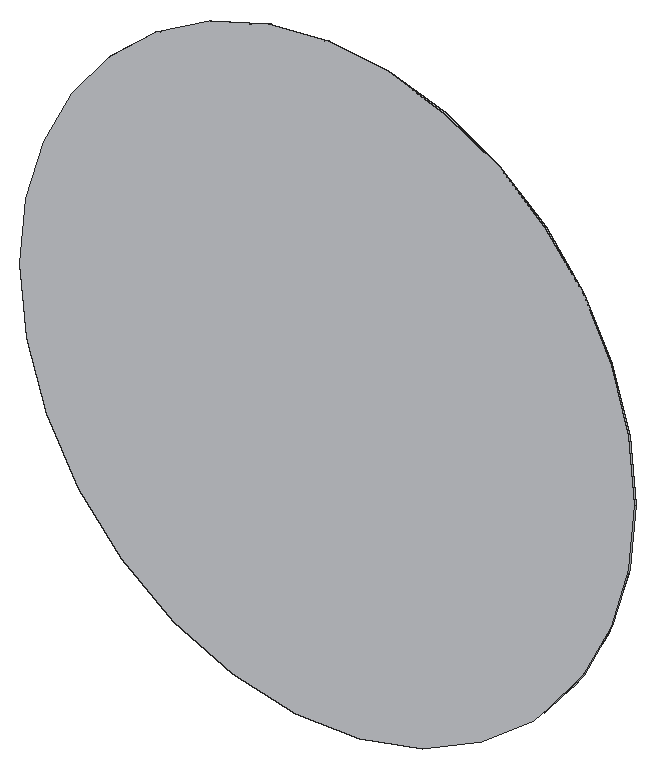
Revit family "Inicio_CapRoscadoGalvanizado", category Mechanical Equipment, Revit 2025
Family settings
  Round Connector Dimension = Use Diameter
  Classification = Pump
  Part Type = Normal
  OmniClass Number = 23.75.00.00
  OmniClass Title = Climate Control (HVAC)
  Work Plane-Based = Yes
  Always vertical = No
  Cut with Voids When Loaded = No
  Maintain Annotation Orientation = No
  Shared = No
  Room Calculation Point = No
Parameters (values of type "Inicio_CapRoscadoGalvanizado")
  Radius [instance] = 1' - 7"
  Presión [instance] = 0.00 psi
  Diameter [instance] = 2 * Radius  # 3' - 2"
  Default Elevation = 4' - 0"
  Caudal [instance] = 0 L/s
Types (2): name
  Inicio_CapRoscadoGalvanizado
  Standard
Reference planes (in)
  plane 1 "Center (Front/Back)": y = 0
  plane 2: z = 0
  plane 3 "Center (Left/Right)": x = 0
Forms (in)
  Extrusion 1, solid
    sketch origin (0, 0, 0) x (1, 0, 0) y (0, 0, 1)
      loop
        circle (0, 0) r 19
    from 0 to 0.03906
Dimensions and locks (in)
  "Radius": radius of Extrusion 1 sketch curve
  aligned and locked: level to plane 2
Automatic sketch dimensions
  Extrusion 1 sketch curve to level = 0' - 0"
  Extrusion 1 sketch curve to plane 3 "Center (Left/Right)" = 0' - 0"
Connectors (in)
  piping at (0, -0.03906, 0), diameter 38, driven by "Diameter", driven by "Caudal"
    settings: on Extrusion 1, index 1, connector inside diameter 24", connector length 0' - 0", flow factor 0, pipe flow 0 L/s, pressure drop 0.00 psi, fitting loss kfactor 0, connector angle 0.00°, fixture units 0, engagement length 0' - 0", angle of deflection 0.00°, flow configuration 0, flow direction 2, fitting loss method 0, system type 20, joint type 0, gender type 0, connector reference index -1, connector utility 0, adjustable connector no, is connector primary yes, connector description ""
